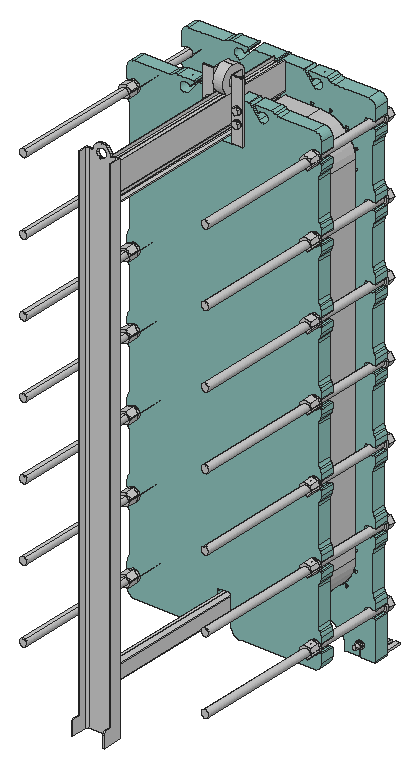
Revit family "MIT 585 - Heat Exchanger", category Specialty Equipment, Revit 2022
Family settings
  Round Connector Dimension = Use Diameter
  Part Type = Normal
  Work Plane-Based = No
  Always vertical = No
  Cut with Voids When Loaded = No
  Maintain Annotation Orientation = No
  Shared = No
  Room Calculation Point = No
Parameters (values of type "Flanged")
  URL = "https://en.ekinendustriyel.com/plate-heat-exchanger"
  Type Comments = ""
  Thickness_of_Plate [instance] = 0.50 mm  # constant formula
  Number_of_Plate [instance] = 50
  Model = if(Hygienic, if(Design Pressure < 11.0 bar, "H12340000F200L", if(Design Pressure < 16.0 bar, " H12340000F200M", " H12340000F200H")), if(Design Pressure < 10.0 bar, "E12340000F200L", if(Design Pressure < 16.0 bar, " E12340000F200M", " E12340000F200H")))  # "H12340000F200L"
  Material = Galvanized Steel- S235JR
  Manufacturer = "Ekin Endüstriyel"
  Lk [instance] = (Number_of_Plate) * ((Thickness_of_Plate) + 4.00 mm)  # 225.00 mm
  Lh [instance] = 2080.00 mm  # constant formula
  Lf [instance] = 1990.00 mm  # constant formula
  Lc [instance] = if(Number_of_Plate < 51, 900.00 mm, if(Number_of_Plate < 101, 1200.00 mm, if(Number_of_Plate < 201, 1800.00 mm, if(Number_of_Plate < 301, 2400.00 mm, if(Number_of_Plate < 401, 3000.00 mm, 3600.00 mm)))))  # 900.00 mm
  La [instance] = 798.00 mm  # constant formula
  Keynote = ""
  Industrial [instance] = not(Hygienic)  # no
  Hygienic = yes
  Head & Follower Plate [instance] = if(Design Pressure < 11.0 bar, 55.00 mm, if(Design Pressure < 17.0 bar, 70.00 mm, 90.00 mm))  # 55.00 mm
  Follower Plate [instance] = -(Head & Follower Plate)  # -55.00 mm
  Design Pressure = 7 bar
  Description = if(Design Pressure < 11.0 bar, "MIT - Heat Exchanger - 10 bar", if(Design Pressure < 16.0 bar, " MIT - Heat Exchanger - 16 bar", " MIT - Heat Exchanger - 25 bar"))  # "MIT - Heat Exchanger - 10 bar"
  Default Elevation = 0.00 mm
Reference planes
  plane 1 "Center (Front/Back)": y = 0
  plane 2: z = 0
  plane 3 "Center (Left/Right)": x = 0
  plane 4: x = 1160
  plane 5: x = -1000
  plane 6 "2": y = -280
  plane 7 "1": y = -55
  plane 8 "3": y = -955
  plane 9 "Bolt End": y = 18.7
  plane 10: y = -900
  plane 11 "12": z = 1824
Forms (mm)
  Extrusion 1, solid, material "Galvanized Steel", detail levels fine
    sketch origin (4.063, 0, 0) x (1, 0, 0) y (0, 0, 1)
      loop
        arc (202.399, 2075.981) -> (195.163, 2078.978) -> (187.399, 2080) r 30
        line (187.399, 2080) -> (121.253, 2080)
        arc (121.253, 2080) -> (118.534, 2078.268) -> (118.955, 2075.072) r 3
        line (118.955, 2075.072) -> (134.106, 2057.016)
        arc (134.106, 2057.016) -> (136.521, 2055.947) -> (138.845, 2057.201) r 3
        arc (138.845, 2057.201) -> (176.921, 2045.82) -> (139.85, 2031.501) r 21
        line (139.85, 2031.501) -> (100.054, 2078.928)
        arc (100.054, 2078.928) -> (99.024, 2079.719) -> (97.756, 2080) r 3
        line (97.756, 2080) -> (1.937, 2080)
        arc (1.937, 2080) -> (-0.184, 2079.121) -> (-1.063, 2077) r 3
        line (-1.063, 2077) -> (-1.063, 2062.466)
        arc (-1.063, 2062.466) -> (-0.644, 2060.936) -> (0.497, 2059.834) r 3
        arc (0.497, 2059.834) -> (5.437, 2051.5) -> (0.497, 2043.166) r 9.5
        arc (0.497, 2043.166) -> (-0.644, 2042.064) -> (-1.063, 2040.534) r 3
        line (-1.063, 2040.534) -> (-1.063, 2002.466)
        arc (-1.063, 2002.466) -> (-0.644, 2000.936) -> (0.497, 1999.834) r 3
        arc (0.497, 1999.834) -> (-4.063, 1982) -> (-8.623, 1999.834) r 9.5
        arc (-8.623, 1999.834) -> (-7.482, 2000.936) -> (-7.063, 2002.466) r 3
        line (-7.063, 2002.466) -> (-7.063, 2040.534)
        arc (-7.063, 2040.534) -> (-7.482, 2042.064) -> (-8.623, 2043.166) r 3
        arc (-8.623, 2043.166) -> (-13.563, 2051.5) -> (-8.623, 2059.834) r 9.5
        arc (-8.623, 2059.834) -> (-7.482, 2060.936) -> (-7.063, 2062.466) r 3
        line (-7.063, 2062.466) -> (-7.063, 2077)
        arc (-7.063, 2077) -> (-7.942, 2079.121) -> (-10.063, 2080) r 3
        line (-10.063, 2080) -> (-105.882, 2080)
        arc (-105.882, 2080) -> (-107.15, 2079.719) -> (-108.18, 2078.928) r 3
        line (-108.18, 2078.928) -> (-147.976, 2031.501)
        arc (-147.976, 2031.501) -> (-185.047, 2045.82) -> (-146.971, 2057.201) r 21
        arc (-146.971, 2057.201) -> (-144.647, 2055.947) -> (-142.232, 2057.016) r 3
        line (-142.232, 2057.016) -> (-127.081, 2075.072)
        arc (-127.081, 2075.072) -> (-126.66, 2078.268) -> (-129.379, 2080) r 3
        line (-129.379, 2080) -> (-195.525, 2080)
        arc (-195.525, 2080) -> (-203.289, 2078.978) -> (-210.525, 2075.981) r 30
        line (-210.525, 2075.981) -> (-217.386, 2072.019)
        arc (-217.386, 2072.019) -> (-224.622, 2069.022) -> (-232.386, 2068) r 30
        line (-232.386, 2068) -> (-373.063, 2068)
        arc (-373.063, 2068) -> (-394.276, 2059.213) -> (-403.063, 2038) r 30
        line (-403.063, 2038) -> (-403.063, 1994.25)
        arc (-403.063, 1994.25) -> (-402.184, 1992.129) -> (-400.063, 1991.25) r 3
        line (-400.063, 1991.25) -> (-391.396, 1991.25)
        arc (-391.396, 1991.25) -> (-390.452, 1991.402) -> (-389.604, 1991.844) r 3
        arc (-389.604, 1991.844) -> (-356.063, 1975) -> (-389.604, 1958.156) r 21
        arc (-389.604, 1958.156) -> (-390.452, 1958.598) -> (-391.396, 1958.75) r 3
        line (-391.396, 1958.75) -> (-400.063, 1958.75)
        arc (-400.063, 1958.75) -> (-402.184, 1957.871) -> (-403.063, 1955.75) r 3
        line (-403.063, 1955.75) -> (-403.063, 1934.038)
        arc (-403.063, 1934.038) -> (-402.041, 1926.274) -> (-399.044, 1919.038) r 30
        line (-399.044, 1919.038) -> (-395.082, 1912.177)
        arc (-395.082, 1912.177) -> (-392.085, 1904.941) -> (-391.063, 1897.177) r 30
        line (-391.063, 1897.177) -> (-391.063, 1753.254)
        arc (-391.063, 1753.254) -> (-392.085, 1745.489) -> (-395.082, 1738.254) r 30
        line (-395.082, 1738.254) -> (-399.044, 1731.392)
        arc (-399.044, 1731.392) -> (-402.041, 1724.157) -> (-403.063, 1716.392) r 30
        line (-403.063, 1716.392) -> (-403.063, 1694.25)
        arc (-403.063, 1694.25) -> (-402.184, 1692.129) -> (-400.063, 1691.25) r 3
        line (-400.063, 1691.25) -> (-391.396, 1691.25)
        arc (-391.396, 1691.25) -> (-390.452, 1691.402) -> (-389.604, 1691.844) r 3
        arc (-389.604, 1691.844) -> (-356.063, 1675) -> (-389.604, 1658.156) r 21
        arc (-389.604, 1658.156) -> (-390.452, 1658.598) -> (-391.396, 1658.75) r 3
        line (-391.396, 1658.75) -> (-400.063, 1658.75)
        arc (-400.063, 1658.75) -> (-402.184, 1657.871) -> (-403.063, 1655.75) r 3
        line (-403.063, 1655.75) -> (-403.063, 1634.038)
        arc (-403.063, 1634.038) -> (-402.041, 1626.274) -> (-399.044, 1619.038) r 30
        line (-399.044, 1619.038) -> (-395.082, 1612.177)
        arc (-395.082, 1612.177) -> (-392.085, 1604.941) -> (-391.063, 1597.177) r 30
        line (-391.063, 1597.177) -> (-391.063, 1453.254)
        arc (-391.063, 1453.254) -> (-392.085, 1445.489) -> (-395.082, 1438.254) r 30
        line (-395.082, 1438.254) -> (-399.044, 1431.392)
        arc (-399.044, 1431.392) -> (-402.041, 1424.157) -> (-403.063, 1416.392) r 30
        line (-403.063, 1416.392) -> (-403.063, 1394.25)
        arc (-403.063, 1394.25) -> (-402.184, 1392.129) -> (-400.063, 1391.25) r 3
        line (-400.063, 1391.25) -> (-391.396, 1391.25)
        arc (-391.396, 1391.25) -> (-390.452, 1391.402) -> (-389.604, 1391.844) r 3
        arc (-389.604, 1391.844) -> (-356.063, 1375) -> (-389.604, 1358.156) r 21
        arc (-389.604, 1358.156) -> (-390.452, 1358.598) -> (-391.396, 1358.75) r 3
        line (-391.396, 1358.75) -> (-400.063, 1358.75)
        arc (-400.063, 1358.75) -> (-402.184, 1357.871) -> (-403.063, 1355.75) r 3
        line (-403.063, 1355.75) -> (-403.063, 1334.038)
        arc (-403.063, 1334.038) -> (-402.041, 1326.274) -> (-399.044, 1319.038) r 30
        line (-399.044, 1319.038) -> (-395.082, 1312.177)
        arc (-395.082, 1312.177) -> (-392.085, 1304.941) -> (-391.063, 1297.177) r 30
        line (-391.063, 1297.177) -> (-391.063, 1153.254)
        arc (-391.063, 1153.254) -> (-392.085, 1145.489) -> (-395.082, 1138.254) r 30
        line (-395.082, 1138.254) -> (-399.044, 1131.392)
        arc (-399.044, 1131.392) -> (-402.041, 1124.157) -> (-403.063, 1116.392) r 30
        line (-403.063, 1116.392) -> (-403.063, 1094.25)
        arc (-403.063, 1094.25) -> (-402.184, 1092.129) -> (-400.063, 1091.25) r 3
        line (-400.063, 1091.25) -> (-391.396, 1091.25)
        arc (-391.396, 1091.25) -> (-390.452, 1091.402) -> (-389.604, 1091.844) r 3
        arc (-389.604, 1091.844) -> (-356.063, 1075) -> (-389.604, 1058.156) r 21
        arc (-389.604, 1058.156) -> (-390.452, 1058.598) -> (-391.396, 1058.75) r 3
        line (-391.396, 1058.75) -> (-400.063, 1058.75)
        arc (-400.063, 1058.75) -> (-402.184, 1057.871) -> (-403.063, 1055.75) r 3
        line (-403.063, 1055.75) -> (-403.063, 1034.038)
        arc (-403.063, 1034.038) -> (-402.041, 1026.274) -> (-399.044, 1019.038) r 30
        line (-399.044, 1019.038) -> (-395.082, 1012.177)
        arc (-395.082, 1012.177) -> (-392.085, 1004.941) -> (-391.063, 997.177) r 30
        line (-391.063, 997.177) -> (-391.063, 853.254)
        arc (-391.063, 853.254) -> (-392.085, 845.489) -> (-395.082, 838.254) r 30
        line (-395.082, 838.254) -> (-399.044, 831.392)
        arc (-399.044, 831.392) -> (-402.041, 824.157) -> (-403.063, 816.392) r 30
        line (-403.063, 816.392) -> (-403.063, 794.25)
        arc (-403.063, 794.25) -> (-402.184, 792.129) -> (-400.063, 791.25) r 3
        line (-400.063, 791.25) -> (-391.396, 791.25)
        arc (-391.396, 791.25) -> (-390.452, 791.402) -> (-389.604, 791.844) r 3
        arc (-389.604, 791.844) -> (-356.063, 775) -> (-389.604, 758.156) r 21
        arc (-389.604, 758.156) -> (-390.452, 758.598) -> (-391.396, 758.75) r 3
        line (-391.396, 758.75) -> (-400.063, 758.75)
        arc (-400.063, 758.75) -> (-402.184, 757.871) -> (-403.063, 755.75) r 3
        line (-403.063, 755.75) -> (-403.063, 734.038)
        arc (-403.063, 734.038) -> (-402.041, 726.274) -> (-399.044, 719.038) r 30
        line (-399.044, 719.038) -> (-395.082, 712.177)
        arc (-395.082, 712.177) -> (-392.085, 704.941) -> (-391.063, 697.177) r 30
        line (-391.063, 697.177) -> (-391.063, 553.254)
        arc (-391.063, 553.254) -> (-392.085, 545.489) -> (-395.082, 538.254) r 30
        line (-395.082, 538.254) -> (-399.044, 531.392)
        arc (-399.044, 531.392) -> (-402.041, 524.157) -> (-403.063, 516.392) r 30
        line (-403.063, 516.392) -> (-403.063, 494.25)
        arc (-403.063, 494.25) -> (-402.184, 492.129) -> (-400.063, 491.25) r 3
        line (-400.063, 491.25) -> (-391.396, 491.25)
        arc (-391.396, 491.25) -> (-390.452, 491.402) -> (-389.604, 491.844) r 3
        arc (-389.604, 491.844) -> (-356.063, 475) -> (-389.604, 458.156) r 21
        arc (-389.604, 458.156) -> (-390.452, 458.598) -> (-391.396, 458.75) r 3
        line (-391.396, 458.75) -> (-400.063, 458.75)
        arc (-400.063, 458.75) -> (-402.184, 457.871) -> (-403.063, 455.75) r 3
        line (-403.063, 455.75) -> (-403.063, 434.038)
        arc (-403.063, 434.038) -> (-402.041, 426.274) -> (-399.044, 419.038) r 30
        line (-399.044, 419.038) -> (-395.082, 412.177)
        arc (-395.082, 412.177) -> (-392.085, 404.941) -> (-391.063, 397.177) r 30
        line (-391.063, 397.177) -> (-391.063, 253.254)
        arc (-391.063, 253.254) -> (-392.085, 245.489) -> (-395.082, 238.254) r 30
        line (-395.082, 238.254) -> (-399.044, 231.392)
        arc (-399.044, 231.392) -> (-402.041, 224.157) -> (-403.063, 216.392) r 30
        line (-403.063, 216.392) -> (-403.063, 194.25)
        arc (-403.063, 194.25) -> (-402.184, 192.129) -> (-400.063, 191.25) r 3
        line (-400.063, 191.25) -> (-391.396, 191.25)
        arc (-391.396, 191.25) -> (-390.452, 191.402) -> (-389.604, 191.844) r 3
        arc (-389.604, 191.844) -> (-356.063, 175) -> (-389.604, 158.156) r 21
        arc (-389.604, 158.156) -> (-390.452, 158.598) -> (-391.396, 158.75) r 3
        line (-391.396, 158.75) -> (-400.063, 158.75)
        arc (-400.063, 158.75) -> (-402.184, 157.871) -> (-403.063, 155.75) r 3
        line (-403.063, 155.75) -> (-403.063, 5)
        arc (-403.063, 5) -> (-401.599, 1.464) -> (-398.063, 0) r 5
        line (-398.063, 0) -> (-344.063, 0)
        arc (-344.063, 0) -> (-341.942, 0.879) -> (-341.063, 3) r 3
        line (-341.063, 3) -> (-341.063, 32.907)
        arc (-341.063, 32.907) -> (-341.514, 34.488) -> (-342.73, 35.594) r 3
        arc (-342.73, 35.594) -> (-338.063, 55.5) -> (-333.396, 35.594) r 10.5
        arc (-333.396, 35.594) -> (-334.613, 34.488) -> (-335.063, 32.907) r 3
        line (-335.063, 32.907) -> (-335.063, 3)
        arc (-335.063, 3) -> (-334.184, 0.879) -> (-332.063, 0) r 3
        line (-332.063, 0) -> (-278.063, 0)
        arc (-278.063, 0) -> (-274.527, 1.464) -> (-273.063, 5) r 5
        line (-273.063, 5) -> (-273.063, 38.787)
        arc (-273.063, 38.787) -> (-271.921, 44.527) -> (-268.67, 49.393) r 15
        line (-268.67, 49.393) -> (-232.456, 85.607)
        arc (-232.456, 85.607) -> (-227.59, 88.858) -> (-221.85, 90) r 15
        line (-221.85, 90) -> (-10.063, 90)
        arc (-10.063, 90) -> (-7.942, 90.879) -> (-7.063, 93) r 3
        line (-7.063, 93) -> (-7.063, 142.034)
        arc (-7.063, 142.034) -> (-7.482, 143.564) -> (-8.623, 144.666) r 3
        arc (-8.623, 144.666) -> (-13.563, 153) -> (-8.623, 161.334) r 9.5
        arc (-8.623, 161.334) -> (-7.482, 162.436) -> (-7.063, 163.966) r 3
        line (-7.063, 163.966) -> (-7.063, 202.034)
        arc (-7.063, 202.034) -> (-7.482, 203.564) -> (-8.623, 204.666) r 3
        arc (-8.623, 204.666) -> (-4.063, 222.5) -> (0.497, 204.666) r 9.5
        arc (0.497, 204.666) -> (-0.644, 203.564) -> (-1.063, 202.034) r 3
        line (-1.063, 202.034) -> (-1.063, 163.966)
        arc (-1.063, 163.966) -> (-0.644, 162.436) -> (0.497, 161.334) r 3
        arc (0.497, 161.334) -> (5.437, 153) -> (0.497, 144.666) r 9.5
        arc (0.497, 144.666) -> (-0.644, 143.564) -> (-1.063, 142.034) r 3
        line (-1.063, 142.034) -> (-1.063, 93)
        arc (-1.063, 93) -> (-0.184, 90.879) -> (1.937, 90) r 3
        line (1.937, 90) -> (213.724, 90)
        arc (213.724, 90) -> (219.464, 88.858) -> (224.33, 85.607) r 15
        line (224.33, 85.607) -> (260.544, 49.393)
        arc (260.544, 49.393) -> (263.795, 44.527) -> (264.937, 38.787) r 15
        line (264.937, 38.787) -> (264.937, 5)
        arc (264.937, 5) -> (266.401, 1.464) -> (269.937, 0) r 5
        line (269.937, 0) -> (323.937, 0)
        arc (323.937, 0) -> (326.058, 0.879) -> (326.937, 3) r 3
        line (326.937, 3) -> (326.937, 32.907)
        arc (326.937, 32.907) -> (326.486, 34.488) -> (325.27, 35.594) r 3
        arc (325.27, 35.594) -> (329.937, 55.5) -> (334.604, 35.594) r 10.5
        arc (334.604, 35.594) -> (333.387, 34.488) -> (332.937, 32.907) r 3
        line (332.937, 32.907) -> (332.937, 3)
        arc (332.937, 3) -> (333.816, 0.879) -> (335.937, 0) r 3
        line (335.937, 0) -> (389.937, 0)
        arc (389.937, 0) -> (393.473, 1.464) -> (394.937, 5) r 5
        line (394.937, 5) -> (394.937, 155.75)
        arc (394.937, 155.75) -> (394.058, 157.871) -> (391.937, 158.75) r 3
        line (391.937, 158.75) -> (383.27, 158.75)
        arc (383.27, 158.75) -> (382.326, 158.598) -> (381.478, 158.156) r 3
        arc (381.478, 158.156) -> (347.937, 175) -> (381.478, 191.844) r 21
        arc (381.478, 191.844) -> (382.326, 191.402) -> (383.27, 191.25) r 3
        line (383.27, 191.25) -> (391.937, 191.25)
        arc (391.937, 191.25) -> (394.058, 192.129) -> (394.937, 194.25) r 3
        line (394.937, 194.25) -> (394.937, 216.392)
        arc (394.937, 216.392) -> (393.915, 224.157) -> (390.918, 231.392) r 30
        line (390.918, 231.392) -> (386.956, 238.254)
        arc (386.956, 238.254) -> (383.959, 245.489) -> (382.937, 253.254) r 30
        line (382.937, 253.254) -> (382.937, 397.177)
        arc (382.937, 397.177) -> (383.959, 404.941) -> (386.956, 412.177) r 30
        line (386.956, 412.177) -> (390.918, 419.038)
        arc (390.918, 419.038) -> (393.915, 426.274) -> (394.937, 434.038) r 30
        line (394.937, 434.038) -> (394.937, 455.75)
        arc (394.937, 455.75) -> (394.058, 457.871) -> (391.937, 458.75) r 3
        line (391.937, 458.75) -> (383.27, 458.75)
        arc (383.27, 458.75) -> (382.326, 458.598) -> (381.478, 458.156) r 3
        arc (381.478, 458.156) -> (347.937, 475) -> (381.478, 491.844) r 21
        arc (381.478, 491.844) -> (382.326, 491.402) -> (383.27, 491.25) r 3
        line (383.27, 491.25) -> (391.937, 491.25)
        arc (391.937, 491.25) -> (394.058, 492.129) -> (394.937, 494.25) r 3
        line (394.937, 494.25) -> (394.937, 516.392)
        arc (394.937, 516.392) -> (393.915, 524.157) -> (390.918, 531.392) r 30
        line (390.918, 531.392) -> (386.956, 538.254)
        arc (386.956, 538.254) -> (383.959, 545.489) -> (382.937, 553.254) r 30
        line (382.937, 553.254) -> (382.937, 697.177)
        arc (382.937, 697.177) -> (383.959, 704.941) -> (386.956, 712.177) r 30
        line (386.956, 712.177) -> (390.918, 719.038)
        arc (390.918, 719.038) -> (393.915, 726.274) -> (394.937, 734.038) r 30
        line (394.937, 734.038) -> (394.937, 755.75)
        arc (394.937, 755.75) -> (394.058, 757.871) -> (391.937, 758.75) r 3
        line (391.937, 758.75) -> (383.27, 758.75)
        arc (383.27, 758.75) -> (382.326, 758.598) -> (381.478, 758.156) r 3
        arc (381.478, 758.156) -> (347.937, 775) -> (381.478, 791.844) r 21
        arc (381.478, 791.844) -> (382.326, 791.402) -> (383.27, 791.25) r 3
        line (383.27, 791.25) -> (391.937, 791.25)
        arc (391.937, 791.25) -> (394.058, 792.129) -> (394.937, 794.25) r 3
        line (394.937, 794.25) -> (394.937, 816.392)
        arc (394.937, 816.392) -> (393.915, 824.157) -> (390.918, 831.392) r 30
        line (390.918, 831.392) -> (386.956, 838.254)
        arc (386.956, 838.254) -> (383.959, 845.489) -> (382.937, 853.254) r 30
        line (382.937, 853.254) -> (382.937, 997.177)
        arc (382.937, 997.177) -> (383.959, 1004.941) -> (386.956, 1012.177) r 30
        line (386.956, 1012.177) -> (390.918, 1019.038)
        arc (390.918, 1019.038) -> (393.915, 1026.274) -> (394.937, 1034.038) r 30
        line (394.937, 1034.038) -> (394.937, 1055.75)
        arc (394.937, 1055.75) -> (394.058, 1057.871) -> (391.937, 1058.75) r 3
        line (391.937, 1058.75) -> (383.27, 1058.75)
        arc (383.27, 1058.75) -> (382.326, 1058.598) -> (381.478, 1058.156) r 3
        arc (381.478, 1058.156) -> (347.937, 1075) -> (381.478, 1091.844) r 21
        arc (381.478, 1091.844) -> (382.326, 1091.402) -> (383.27, 1091.25) r 3
        line (383.27, 1091.25) -> (391.937, 1091.25)
        arc (391.937, 1091.25) -> (394.058, 1092.129) -> (394.937, 1094.25) r 3
        line (394.937, 1094.25) -> (394.937, 1116.392)
        arc (394.937, 1116.392) -> (393.915, 1124.157) -> (390.918, 1131.392) r 30
        line (390.918, 1131.392) -> (386.956, 1138.254)
        arc (386.956, 1138.254) -> (383.959, 1145.489) -> (382.937, 1153.254) r 30
        line (382.937, 1153.254) -> (382.937, 1297.177)
        arc (382.937, 1297.177) -> (383.959, 1304.941) -> (386.956, 1312.177) r 30
        line (386.956, 1312.177) -> (390.918, 1319.038)
        arc (390.918, 1319.038) -> (393.915, 1326.274) -> (394.937, 1334.038) r 30
        line (394.937, 1334.038) -> (394.937, 1355.75)
        arc (394.937, 1355.75) -> (394.058, 1357.871) -> (391.937, 1358.75) r 3
        line (391.937, 1358.75) -> (383.27, 1358.75)
        arc (383.27, 1358.75) -> (382.326, 1358.598) -> (381.478, 1358.156) r 3
        arc (381.478, 1358.156) -> (347.937, 1375) -> (381.478, 1391.844) r 21
        arc (381.478, 1391.844) -> (382.326, 1391.402) -> (383.27, 1391.25) r 3
        line (383.27, 1391.25) -> (391.937, 1391.25)
        arc (391.937, 1391.25) -> (394.058, 1392.129) -> (394.937, 1394.25) r 3
        line (394.937, 1394.25) -> (394.937, 1416.392)
        arc (394.937, 1416.392) -> (393.915, 1424.157) -> (390.918, 1431.392) r 30
        line (390.918, 1431.392) -> (386.956, 1438.254)
        arc (386.956, 1438.254) -> (383.959, 1445.489) -> (382.937, 1453.254) r 30
        line (382.937, 1453.254) -> (382.937, 1597.177)
        arc (382.937, 1597.177) -> (383.959, 1604.941) -> (386.956, 1612.177) r 30
        line (386.956, 1612.177) -> (390.918, 1619.038)
        arc (390.918, 1619.038) -> (393.915, 1626.274) -> (394.937, 1634.038) r 30
        line (394.937, 1634.038) -> (394.937, 1655.75)
        arc (394.937, 1655.75) -> (394.058, 1657.871) -> (391.937, 1658.75) r 3
        line (391.937, 1658.75) -> (383.27, 1658.75)
        arc (383.27, 1658.75) -> (382.326, 1658.598) -> (381.478, 1658.156) r 3
        arc (381.478, 1658.156) -> (347.937, 1675) -> (381.478, 1691.844) r 21
        arc (381.478, 1691.844) -> (382.326, 1691.402) -> (383.27, 1691.25) r 3
        line (383.27, 1691.25) -> (391.937, 1691.25)
        arc (391.937, 1691.25) -> (394.058, 1692.129) -> (394.937, 1694.25) r 3
        line (394.937, 1694.25) -> (394.937, 1716.392)
        arc (394.937, 1716.392) -> (393.915, 1724.157) -> (390.918, 1731.392) r 30
        line (390.918, 1731.392) -> (386.956, 1738.254)
        arc (386.956, 1738.254) -> (383.959, 1745.489) -> (382.937, 1753.254) r 30
        line (382.937, 1753.254) -> (382.937, 1897.177)
        arc (382.937, 1897.177) -> (383.959, 1904.941) -> (386.956, 1912.177) r 30
        line (386.956, 1912.177) -> (390.918, 1919.038)
        arc (390.918, 1919.038) -> (393.915, 1926.274) -> (394.937, 1934.038) r 30
        line (394.937, 1934.038) -> (394.937, 1955.75)
        arc (394.937, 1955.75) -> (394.058, 1957.871) -> (391.937, 1958.75) r 3
        line (391.937, 1958.75) -> (383.27, 1958.75)
        arc (383.27, 1958.75) -> (382.326, 1958.598) -> (381.478, 1958.156) r 3
        arc (381.478, 1958.156) -> (347.937, 1975) -> (381.478, 1991.844) r 21
        arc (381.478, 1991.844) -> (382.326, 1991.402) -> (383.27, 1991.25) r 3
        line (383.27, 1991.25) -> (391.937, 1991.25)
        arc (391.937, 1991.25) -> (394.058, 1992.129) -> (394.937, 1994.25) r 3
        line (394.937, 1994.25) -> (394.937, 2038)
        arc (394.937, 2038) -> (386.15, 2059.213) -> (364.937, 2068) r 30
        line (364.937, 2068) -> (224.26, 2068)
        arc (224.26, 2068) -> (216.495, 2069.022) -> (209.26, 2072.019) r 30
        line (209.26, 2072.019) -> (202.399, 2075.981)
      loop
        circle (172.437, 1824) r 134
      loop
        circle (314.911, 1862.176) r 7
      loop
        circle (314.911, 1785.824) r 7
      loop
        circle (276.735, 1928.298) r 7
      loop
        circle (210.613, 1966.474) r 7
      loop
        circle (276.735, 1719.702) r 7
      loop
        circle (210.613, 1681.526) r 7
      loop
        circle (29.963, 1862.176) r 7
      loop
        circle (29.963, 1785.824) r 7
      loop
        circle (68.139, 1928.298) r 7
      loop
        circle (134.261, 1966.474) r 7
      loop
        circle (68.139, 1719.702) r 7
      loop
        circle (134.261, 1681.526) r 7
      loop
        circle (172.437, 346) r 134
      loop
        circle (314.911, 384.176) r 7
      loop
        circle (314.911, 307.824) r 7
      loop
        circle (276.735, 450.298) r 7
      loop
        circle (210.613, 488.474) r 7
      loop
        circle (276.735, 241.702) r 7
      loop
        circle (210.613, 203.526) r 7
      loop
        circle (29.963, 384.176) r 7
      loop
        circle (29.963, 307.824) r 7
      loop
        circle (68.139, 450.298) r 7
      loop
        circle (134.261, 488.474) r 7
      loop
        circle (68.139, 241.702) r 7
      loop
        circle (134.261, 203.526) r 7
      loop
        circle (-180.563, 1824) r 134
      loop
        circle (-323.037, 1862.176) r 7
      loop
        circle (-323.037, 1785.824) r 7
      loop
        circle (-284.861, 1928.298) r 7
      loop
        circle (-218.739, 1966.474) r 7
      loop
        circle (-284.861, 1719.702) r 7
      loop
        circle (-218.739, 1681.526) r 7
      loop
        circle (-38.089, 1862.176) r 7
      loop
        circle (-38.089, 1785.824) r 7
      loop
        circle (-76.265, 1928.298) r 7
      loop
        circle (-142.387, 1966.474) r 7
      loop
        circle (-76.265, 1719.702) r 7
      loop
        circle (-142.387, 1681.526) r 7
      loop
        circle (-180.563, 346) r 134
      loop
        circle (-323.037, 384.176) r 7
      loop
        circle (-323.037, 307.824) r 7
      loop
        circle (-284.861, 450.298) r 7
      loop
        circle (-218.739, 488.474) r 7
      loop
        circle (-284.861, 241.702) r 7
      loop
        circle (-218.739, 203.526) r 7
      loop
        circle (-38.089, 384.176) r 7
      loop
        circle (-38.089, 307.824) r 7
      loop
        circle (-76.265, 450.298) r 7
      loop
        circle (-142.387, 488.474) r 7
      loop
        circle (-76.265, 241.702) r 7
      loop
        circle (-142.387, 203.526) r 7
    from 0 to 55
  Extrusion 2, solid, material "Galvanized Steel", detail levels fine
    sketch origin (4.063, -280, 0) x (-1, 0, 0) y (0, 0, 1)
      loop
        line (-202.399, 2075.981) -> (-209.26, 2072.019)
        arc (-209.26, 2072.019) -> (-216.495, 2069.022) -> (-224.26, 2068) r 30
        line (-224.26, 2068) -> (-364.937, 2068)
        arc (-364.937, 2068) -> (-386.15, 2059.213) -> (-394.937, 2038) r 30
        line (-394.937, 2038) -> (-394.937, 1994.25)
        arc (-394.937, 1994.25) -> (-394.058, 1992.129) -> (-391.937, 1991.25) r 3
        line (-391.937, 1991.25) -> (-383.27, 1991.25)
        arc (-383.27, 1991.25) -> (-382.326, 1991.402) -> (-381.478, 1991.844) r 3
        arc (-381.478, 1991.844) -> (-347.937, 1975) -> (-381.478, 1958.156) r 21
        arc (-381.478, 1958.156) -> (-382.326, 1958.598) -> (-383.27, 1958.75) r 3
        line (-383.27, 1958.75) -> (-391.937, 1958.75)
        arc (-391.937, 1958.75) -> (-394.058, 1957.871) -> (-394.937, 1955.75) r 3
        line (-394.937, 1955.75) -> (-394.937, 1934.038)
        arc (-394.937, 1934.038) -> (-393.915, 1926.274) -> (-390.918, 1919.038) r 30
        line (-390.918, 1919.038) -> (-386.956, 1912.177)
        arc (-386.956, 1912.177) -> (-383.959, 1904.941) -> (-382.937, 1897.177) r 30
        line (-382.937, 1897.177) -> (-382.937, 1753.254)
        arc (-382.937, 1753.254) -> (-383.959, 1745.489) -> (-386.956, 1738.254) r 30
        line (-386.956, 1738.254) -> (-390.918, 1731.392)
        arc (-390.918, 1731.392) -> (-393.915, 1724.157) -> (-394.937, 1716.392) r 30
        line (-394.937, 1716.392) -> (-394.937, 1694.25)
        arc (-394.937, 1694.25) -> (-394.058, 1692.129) -> (-391.937, 1691.25) r 3
        line (-391.937, 1691.25) -> (-383.27, 1691.25)
        arc (-383.27, 1691.25) -> (-382.326, 1691.402) -> (-381.478, 1691.844) r 3
        arc (-381.478, 1691.844) -> (-347.937, 1675) -> (-381.478, 1658.156) r 21
        arc (-381.478, 1658.156) -> (-382.326, 1658.598) -> (-383.27, 1658.75) r 3
        line (-383.27, 1658.75) -> (-391.937, 1658.75)
        arc (-391.937, 1658.75) -> (-394.058, 1657.871) -> (-394.937, 1655.75) r 3
        line (-394.937, 1655.75) -> (-394.937, 1634.038)
        arc (-394.937, 1634.038) -> (-393.915, 1626.274) -> (-390.918, 1619.038) r 30
        line (-390.918, 1619.038) -> (-386.956, 1612.177)
        arc (-386.956, 1612.177) -> (-383.959, 1604.941) -> (-382.937, 1597.177) r 30
        line (-382.937, 1597.177) -> (-382.937, 1453.254)
        arc (-382.937, 1453.254) -> (-383.959, 1445.489) -> (-386.956, 1438.254) r 30
        line (-386.956, 1438.254) -> (-390.918, 1431.392)
        arc (-390.918, 1431.392) -> (-393.915, 1424.157) -> (-394.937, 1416.392) r 30
        line (-394.937, 1416.392) -> (-394.937, 1394.25)
        arc (-394.937, 1394.25) -> (-394.058, 1392.129) -> (-391.937, 1391.25) r 3
        line (-391.937, 1391.25) -> (-383.27, 1391.25)
        arc (-383.27, 1391.25) -> (-382.326, 1391.402) -> (-381.478, 1391.844) r 3
        arc (-381.478, 1391.844) -> (-347.937, 1375) -> (-381.478, 1358.156) r 21
        arc (-381.478, 1358.156) -> (-382.326, 1358.598) -> (-383.27, 1358.75) r 3
        line (-383.27, 1358.75) -> (-391.937, 1358.75)
        arc (-391.937, 1358.75) -> (-394.058, 1357.871) -> (-394.937, 1355.75) r 3
        line (-394.937, 1355.75) -> (-394.937, 1334.038)
        arc (-394.937, 1334.038) -> (-393.915, 1326.274) -> (-390.918, 1319.038) r 30
        line (-390.918, 1319.038) -> (-386.956, 1312.177)
        arc (-386.956, 1312.177) -> (-383.959, 1304.941) -> (-382.937, 1297.177) r 30
        line (-382.937, 1297.177) -> (-382.937, 1153.254)
        arc (-382.937, 1153.254) -> (-383.959, 1145.489) -> (-386.956, 1138.254) r 30
        line (-386.956, 1138.254) -> (-390.918, 1131.392)
        arc (-390.918, 1131.392) -> (-393.915, 1124.157) -> (-394.937, 1116.392) r 30
        line (-394.937, 1116.392) -> (-394.937, 1094.25)
        arc (-394.937, 1094.25) -> (-394.058, 1092.129) -> (-391.937, 1091.25) r 3
        line (-391.937, 1091.25) -> (-383.27, 1091.25)
        arc (-383.27, 1091.25) -> (-382.326, 1091.402) -> (-381.478, 1091.844) r 3
        arc (-381.478, 1091.844) -> (-347.937, 1075) -> (-381.478, 1058.156) r 21
        arc (-381.478, 1058.156) -> (-382.326, 1058.598) -> (-383.27, 1058.75) r 3
        line (-383.27, 1058.75) -> (-391.937, 1058.75)
        arc (-391.937, 1058.75) -> (-394.058, 1057.871) -> (-394.937, 1055.75) r 3
        line (-394.937, 1055.75) -> (-394.937, 1034.038)
        arc (-394.937, 1034.038) -> (-393.915, 1026.274) -> (-390.918, 1019.038) r 30
        line (-390.918, 1019.038) -> (-386.956, 1012.177)
        arc (-386.956, 1012.177) -> (-383.959, 1004.941) -> (-382.937, 997.177) r 30
        line (-382.937, 997.177) -> (-382.937, 853.254)
        arc (-382.937, 853.254) -> (-383.959, 845.489) -> (-386.956, 838.254) r 30
        line (-386.956, 838.254) -> (-390.918, 831.392)
        arc (-390.918, 831.392) -> (-393.915, 824.157) -> (-394.937, 816.392) r 30
        line (-394.937, 816.392) -> (-394.937, 794.25)
        arc (-394.937, 794.25) -> (-394.058, 792.129) -> (-391.937, 791.25) r 3
        line (-391.937, 791.25) -> (-383.27, 791.25)
        arc (-383.27, 791.25) -> (-382.326, 791.402) -> (-381.478, 791.844) r 3
        arc (-381.478, 791.844) -> (-347.937, 775) -> (-381.478, 758.156) r 21
        arc (-381.478, 758.156) -> (-382.326, 758.598) -> (-383.27, 758.75) r 3
        line (-383.27, 758.75) -> (-391.937, 758.75)
        arc (-391.937, 758.75) -> (-394.058, 757.871) -> (-394.937, 755.75) r 3
        line (-394.937, 755.75) -> (-394.937, 734.038)
        arc (-394.937, 734.038) -> (-393.915, 726.274) -> (-390.918, 719.038) r 30
        line (-390.918, 719.038) -> (-386.956, 712.177)
        arc (-386.956, 712.177) -> (-383.959, 704.941) -> (-382.937, 697.177) r 30
        line (-382.937, 697.177) -> (-382.937, 553.254)
        arc (-382.937, 553.254) -> (-383.959, 545.489) -> (-386.956, 538.254) r 30
        line (-386.956, 538.254) -> (-390.918, 531.392)
        arc (-390.918, 531.392) -> (-393.915, 524.157) -> (-394.937, 516.392) r 30
        line (-394.937, 516.392) -> (-394.937, 494.25)
        arc (-394.937, 494.25) -> (-394.058, 492.129) -> (-391.937, 491.25) r 3
        line (-391.937, 491.25) -> (-383.27, 491.25)
        arc (-383.27, 491.25) -> (-382.326, 491.402) -> (-381.478, 491.844) r 3
        arc (-381.478, 491.844) -> (-347.937, 475) -> (-381.478, 458.156) r 21
        arc (-381.478, 458.156) -> (-382.326, 458.598) -> (-383.27, 458.75) r 3
        line (-383.27, 458.75) -> (-391.937, 458.75)
        arc (-391.937, 458.75) -> (-394.058, 457.871) -> (-394.937, 455.75) r 3
        line (-394.937, 455.75) -> (-394.937, 434.038)
        arc (-394.937, 434.038) -> (-393.915, 426.274) -> (-390.918, 419.038) r 30
        line (-390.918, 419.038) -> (-386.956, 412.177)
        arc (-386.956, 412.177) -> (-383.959, 404.941) -> (-382.937, 397.177) r 30
        line (-382.937, 397.177) -> (-382.937, 253.254)
        arc (-382.937, 253.254) -> (-383.959, 245.489) -> (-386.956, 238.254) r 30
        line (-386.956, 238.254) -> (-390.918, 231.392)
        arc (-390.918, 231.392) -> (-393.915, 224.157) -> (-394.937, 216.392) r 30
        line (-394.937, 216.392) -> (-394.937, 194.25)
        arc (-394.937, 194.25) -> (-394.058, 192.129) -> (-391.937, 191.25) r 3
        line (-391.937, 191.25) -> (-383.27, 191.25)
        arc (-383.27, 191.25) -> (-382.326, 191.402) -> (-381.478, 191.844) r 3
        arc (-381.478, 191.844) -> (-347.937, 175) -> (-381.478, 158.156) r 21
        arc (-381.478, 158.156) -> (-382.326, 158.598) -> (-383.27, 158.75) r 3
        line (-383.27, 158.75) -> (-391.937, 158.75)
        arc (-391.937, 158.75) -> (-394.058, 157.871) -> (-394.937, 155.75) r 3
        line (-394.937, 155.75) -> (-394.937, 120)
        arc (-394.937, 120) -> (-386.15, 98.787) -> (-364.937, 90) r 30
        line (-364.937, 90) -> (-63.437, 90)
        arc (-63.437, 90) -> (-35.153, 101.716) -> (-23.437, 130) r 40
        line (-23.437, 130) -> (-23.437, 240)
        arc (-23.437, 240) -> (-20.508, 247.071) -> (-13.437, 250) r 10
        line (-13.437, 250) -> (21.563, 250)
        arc (21.563, 250) -> (28.634, 247.071) -> (31.563, 240) r 10
        line (31.563, 240) -> (31.563, 130)
        arc (31.563, 130) -> (43.279, 101.716) -> (71.563, 90) r 40
        line (71.563, 90) -> (373.063, 90)
        arc (373.063, 90) -> (394.276, 98.787) -> (403.063, 120) r 30
        line (403.063, 120) -> (403.063, 155.75)
        arc (403.063, 155.75) -> (402.184, 157.871) -> (400.063, 158.75) r 3
        line (400.063, 158.75) -> (391.396, 158.75)
        arc (391.396, 158.75) -> (390.452, 158.598) -> (389.604, 158.156) r 3
        arc (389.604, 158.156) -> (356.063, 175) -> (389.604, 191.844) r 21
        arc (389.604, 191.844) -> (390.452, 191.402) -> (391.396, 191.25) r 3
        line (391.396, 191.25) -> (400.063, 191.25)
        arc (400.063, 191.25) -> (402.184, 192.129) -> (403.063, 194.25) r 3
        line (403.063, 194.25) -> (403.063, 216.392)
        arc (403.063, 216.392) -> (402.041, 224.157) -> (399.044, 231.392) r 30
        line (399.044, 231.392) -> (395.082, 238.254)
        arc (395.082, 238.254) -> (392.085, 245.489) -> (391.063, 253.254) r 30
        line (391.063, 253.254) -> (391.063, 397.177)
        arc (391.063, 397.177) -> (392.085, 404.941) -> (395.082, 412.177) r 30
        line (395.082, 412.177) -> (399.044, 419.038)
        arc (399.044, 419.038) -> (402.041, 426.274) -> (403.063, 434.038) r 30
        line (403.063, 434.038) -> (403.063, 455.75)
        arc (403.063, 455.75) -> (402.184, 457.871) -> (400.063, 458.75) r 3
        line (400.063, 458.75) -> (391.396, 458.75)
        arc (391.396, 458.75) -> (390.452, 458.598) -> (389.604, 458.156) r 3
        arc (389.604, 458.156) -> (356.063, 475) -> (389.604, 491.844) r 21
        arc (389.604, 491.844) -> (390.452, 491.402) -> (391.396, 491.25) r 3
        line (391.396, 491.25) -> (400.063, 491.25)
        arc (400.063, 491.25) -> (402.184, 492.129) -> (403.063, 494.25) r 3
        line (403.063, 494.25) -> (403.063, 516.392)
        arc (403.063, 516.392) -> (402.041, 524.157) -> (399.044, 531.392) r 30
        line (399.044, 531.392) -> (395.082, 538.254)
        arc (395.082, 538.254) -> (392.085, 545.489) -> (391.063, 553.254) r 30
        line (391.063, 553.254) -> (391.063, 697.177)
        arc (391.063, 697.177) -> (392.085, 704.941) -> (395.082, 712.177) r 30
        line (395.082, 712.177) -> (399.044, 719.038)
        arc (399.044, 719.038) -> (402.041, 726.274) -> (403.063, 734.038) r 30
        line (403.063, 734.038) -> (403.063, 755.75)
        arc (403.063, 755.75) -> (402.184, 757.871) -> (400.063, 758.75) r 3
        line (400.063, 758.75) -> (391.396, 758.75)
        arc (391.396, 758.75) -> (390.452, 758.598) -> (389.604, 758.156) r 3
        arc (389.604, 758.156) -> (356.063, 775) -> (389.604, 791.844) r 21
        arc (389.604, 791.844) -> (390.452, 791.402) -> (391.396, 791.25) r 3
        line (391.396, 791.25) -> (400.063, 791.25)
        arc (400.063, 791.25) -> (402.184, 792.129) -> (403.063, 794.25) r 3
        line (403.063, 794.25) -> (403.063, 816.392)
        arc (403.063, 816.392) -> (402.041, 824.157) -> (399.044, 831.392) r 30
        line (399.044, 831.392) -> (395.082, 838.254)
        arc (395.082, 838.254) -> (392.085, 845.489) -> (391.063, 853.254) r 30
        line (391.063, 853.254) -> (391.063, 997.177)
        arc (391.063, 997.177) -> (392.085, 1004.941) -> (395.082, 1012.177) r 30
        line (395.082, 1012.177) -> (399.044, 1019.038)
        arc (399.044, 1019.038) -> (402.041, 1026.274) -> (403.063, 1034.038) r 30
        line (403.063, 1034.038) -> (403.063, 1055.75)
        arc (403.063, 1055.75) -> (402.184, 1057.871) -> (400.063, 1058.75) r 3
        line (400.063, 1058.75) -> (391.396, 1058.75)
        arc (391.396, 1058.75) -> (390.452, 1058.598) -> (389.604, 1058.156) r 3
        arc (389.604, 1058.156) -> (356.063, 1075) -> (389.604, 1091.844) r 21
        arc (389.604, 1091.844) -> (390.452, 1091.402) -> (391.396, 1091.25) r 3
        line (391.396, 1091.25) -> (400.063, 1091.25)
        arc (400.063, 1091.25) -> (402.184, 1092.129) -> (403.063, 1094.25) r 3
        line (403.063, 1094.25) -> (403.063, 1116.392)
        arc (403.063, 1116.392) -> (402.041, 1124.157) -> (399.044, 1131.392) r 30
        line (399.044, 1131.392) -> (395.082, 1138.254)
        arc (395.082, 1138.254) -> (392.085, 1145.489) -> (391.063, 1153.254) r 30
        line (391.063, 1153.254) -> (391.063, 1297.177)
        arc (391.063, 1297.177) -> (392.085, 1304.941) -> (395.082, 1312.177) r 30
        line (395.082, 1312.177) -> (399.044, 1319.038)
        arc (399.044, 1319.038) -> (402.041, 1326.274) -> (403.063, 1334.038) r 30
        line (403.063, 1334.038) -> (403.063, 1355.75)
        arc (403.063, 1355.75) -> (402.184, 1357.871) -> (400.063, 1358.75) r 3
        line (400.063, 1358.75) -> (391.396, 1358.75)
        arc (391.396, 1358.75) -> (390.452, 1358.598) -> (389.604, 1358.156) r 3
        arc (389.604, 1358.156) -> (356.063, 1375) -> (389.604, 1391.844) r 21
        arc (389.604, 1391.844) -> (390.452, 1391.402) -> (391.396, 1391.25) r 3
        line (391.396, 1391.25) -> (400.063, 1391.25)
        arc (400.063, 1391.25) -> (402.184, 1392.129) -> (403.063, 1394.25) r 3
        line (403.063, 1394.25) -> (403.063, 1416.392)
        arc (403.063, 1416.392) -> (402.041, 1424.157) -> (399.044, 1431.392) r 30
        line (399.044, 1431.392) -> (395.082, 1438.254)
        arc (395.082, 1438.254) -> (392.085, 1445.489) -> (391.063, 1453.254) r 30
        line (391.063, 1453.254) -> (391.063, 1597.177)
        arc (391.063, 1597.177) -> (392.085, 1604.941) -> (395.082, 1612.177) r 30
        line (395.082, 1612.177) -> (399.044, 1619.038)
        arc (399.044, 1619.038) -> (402.041, 1626.274) -> (403.063, 1634.038) r 30
        line (403.063, 1634.038) -> (403.063, 1655.75)
        arc (403.063, 1655.75) -> (402.184, 1657.871) -> (400.063, 1658.75) r 3
        line (400.063, 1658.75) -> (391.396, 1658.75)
        arc (391.396, 1658.75) -> (390.452, 1658.598) -> (389.604, 1658.156) r 3
        arc (389.604, 1658.156) -> (356.063, 1675) -> (389.604, 1691.844) r 21
        arc (389.604, 1691.844) -> (390.452, 1691.402) -> (391.396, 1691.25) r 3
        line (391.396, 1691.25) -> (400.063, 1691.25)
        arc (400.063, 1691.25) -> (402.184, 1692.129) -> (403.063, 1694.25) r 3
        line (403.063, 1694.25) -> (403.063, 1716.392)
        arc (403.063, 1716.392) -> (402.041, 1724.157) -> (399.044, 1731.392) r 30
        line (399.044, 1731.392) -> (395.082, 1738.254)
        arc (395.082, 1738.254) -> (392.085, 1745.489) -> (391.063, 1753.254) r 30
        line (391.063, 1753.254) -> (391.063, 1897.177)
        arc (391.063, 1897.177) -> (392.085, 1904.941) -> (395.082, 1912.177) r 30
        line (395.082, 1912.177) -> (399.044, 1919.038)
        arc (399.044, 1919.038) -> (402.041, 1926.274) -> (403.063, 1934.038) r 30
        line (403.063, 1934.038) -> (403.063, 1955.75)
        arc (403.063, 1955.75) -> (402.184, 1957.871) -> (400.063, 1958.75) r 3
        line (400.063, 1958.75) -> (391.396, 1958.75)
        arc (391.396, 1958.75) -> (390.452, 1958.598) -> (389.604, 1958.156) r 3
        arc (389.604, 1958.156) -> (356.063, 1975) -> (389.604, 1991.844) r 21
        arc (389.604, 1991.844) -> (390.452, 1991.402) -> (391.396, 1991.25) r 3
        line (391.396, 1991.25) -> (400.063, 1991.25)
        arc (400.063, 1991.25) -> (402.184, 1992.129) -> (403.063, 1994.25) r 3
        line (403.063, 1994.25) -> (403.063, 2038)
        arc (403.063, 2038) -> (394.276, 2059.213) -> (373.063, 2068) r 30
        line (373.063, 2068) -> (232.386, 2068)
        arc (232.386, 2068) -> (224.622, 2069.022) -> (217.386, 2072.019) r 30
        line (217.386, 2072.019) -> (210.525, 2075.981)
        arc (210.525, 2075.981) -> (203.289, 2078.978) -> (195.525, 2080) r 30
        line (195.525, 2080) -> (129.379, 2080)
        arc (129.379, 2080) -> (126.66, 2078.268) -> (127.081, 2075.072) r 3
        line (127.081, 2075.072) -> (142.232, 2057.016)
        arc (142.232, 2057.016) -> (144.647, 2055.947) -> (146.971, 2057.201) r 3
        arc (146.971, 2057.201) -> (185.047, 2045.82) -> (147.976, 2031.501) r 21
        line (147.976, 2031.501) -> (108.18, 2078.928)
        arc (108.18, 2078.928) -> (107.15, 2079.719) -> (105.882, 2080) r 3
        line (105.882, 2080) -> (65.313, 2080)
        arc (65.313, 2080) -> (63.192, 2079.121) -> (62.313, 2077) r 3
        line (62.313, 2077) -> (62.313, 2058)
        arc (62.313, 2058) -> (61.434, 2055.879) -> (59.313, 2055) r 3
        line (59.313, 2055) -> (48.063, 2055)
        arc (48.063, 2055) -> (45.942, 2054.121) -> (45.063, 2052) r 3
        line (45.063, 2052) -> (45.063, 2044.072)
        arc (45.063, 2044.072) -> (45.942, 2041.951) -> (48.063, 2041.072) r 3
        line (48.063, 2041.072) -> (49.677, 2041.072)
        arc (49.677, 2041.072) -> (51.258, 2041.523) -> (52.365, 2042.739) r 3
        arc (52.365, 2042.739) -> (72.271, 2038.072) -> (52.365, 2033.406) r 10.5
        arc (52.365, 2033.406) -> (51.258, 2034.622) -> (49.677, 2035.072) r 3
        line (49.677, 2035.072) -> (48.063, 2035.072)
        arc (48.063, 2035.072) -> (45.942, 2034.194) -> (45.063, 2032.072) r 3
        line (45.063, 2032.072) -> (45.063, 1994.072)
        arc (45.063, 1994.072) -> (45.942, 1991.951) -> (48.063, 1991.072) r 3
        line (48.063, 1991.072) -> (49.677, 1991.072)
        arc (49.677, 1991.072) -> (51.258, 1991.523) -> (52.365, 1992.739) r 3
        arc (52.365, 1992.739) -> (72.271, 1988.072) -> (52.365, 1983.406) r 10.5
        arc (52.365, 1983.406) -> (51.258, 1984.622) -> (49.677, 1985.072) r 3
        line (49.677, 1985.072) -> (48.063, 1985.072)
        arc (48.063, 1985.072) -> (45.942, 1984.194) -> (45.063, 1982.072) r 3
        line (45.063, 1982.072) -> (45.063, 1903.5)
        arc (45.063, 1903.5) -> (44.184, 1901.379) -> (42.063, 1900.5) r 3
        line (42.063, 1900.5) -> (-33.937, 1900.5)
        arc (-33.937, 1900.5) -> (-36.058, 1901.379) -> (-36.937, 1903.5) r 3
        line (-36.937, 1903.5) -> (-36.937, 1982.072)
        arc (-36.937, 1982.072) -> (-37.816, 1984.194) -> (-39.937, 1985.072) r 3
        line (-39.937, 1985.072) -> (-41.551, 1985.072)
        arc (-41.551, 1985.072) -> (-43.132, 1984.622) -> (-44.239, 1983.406) r 3
        arc (-44.239, 1983.406) -> (-64.145, 1988.072) -> (-44.239, 1992.739) r 10.5
        arc (-44.239, 1992.739) -> (-43.132, 1991.523) -> (-41.551, 1991.072) r 3
        line (-41.551, 1991.072) -> (-39.937, 1991.072)
        arc (-39.937, 1991.072) -> (-37.816, 1991.951) -> (-36.937, 1994.072) r 3
        line (-36.937, 1994.072) -> (-36.937, 2032.072)
        arc (-36.937, 2032.072) -> (-37.816, 2034.194) -> (-39.937, 2035.072) r 3
        line (-39.937, 2035.072) -> (-41.551, 2035.072)
        arc (-41.551, 2035.072) -> (-43.132, 2034.622) -> (-44.239, 2033.406) r 3
        arc (-44.239, 2033.406) -> (-64.145, 2038.072) -> (-44.239, 2042.739) r 10.5
        arc (-44.239, 2042.739) -> (-43.132, 2041.523) -> (-41.551, 2041.072) r 3
        line (-41.551, 2041.072) -> (-39.937, 2041.072)
        arc (-39.937, 2041.072) -> (-37.816, 2041.951) -> (-36.937, 2044.072) r 3
        line (-36.937, 2044.072) -> (-36.937, 2052)
        arc (-36.937, 2052) -> (-37.816, 2054.121) -> (-39.937, 2055) r 3
        line (-39.937, 2055) -> (-51.187, 2055)
        arc (-51.187, 2055) -> (-53.308, 2055.879) -> (-54.187, 2058) r 3
        line (-54.187, 2058) -> (-54.187, 2077)
        arc (-54.187, 2077) -> (-55.066, 2079.121) -> (-57.187, 2080) r 3
        line (-57.187, 2080) -> (-97.756, 2080)
        arc (-97.756, 2080) -> (-99.024, 2079.719) -> (-100.054, 2078.928) r 3
        line (-100.054, 2078.928) -> (-139.85, 2031.501)
        arc (-139.85, 2031.501) -> (-176.921, 2045.82) -> (-138.845, 2057.201) r 21
        arc (-138.845, 2057.201) -> (-136.521, 2055.947) -> (-134.106, 2057.016) r 3
        line (-134.106, 2057.016) -> (-118.955, 2075.072)
        arc (-118.955, 2075.072) -> (-118.534, 2078.268) -> (-121.253, 2080) r 3
        line (-121.253, 2080) -> (-187.399, 2080)
        arc (-187.399, 2080) -> (-195.163, 2078.978) -> (-202.399, 2075.981) r 30
    from 0 to -55 <- "Follower Plate"
  Extrusion 3, solid, material "Galvanized Steel- S235JR"
    sketch origin (0, 0, 0) x (1, 0, 0) y (0, 0, 1)
      loop
        line (-18, 173) -> (18, 173)
        arc (18, 173) -> (19.414, 173.586) -> (20, 175) r 2
        line (20, 175) -> (20, 231)
        arc (20, 231) -> (19.414, 232.414) -> (18, 233) r 2
        line (18, 233) -> (-18, 233)
        arc (-18, 233) -> (-19.414, 232.414) -> (-20, 231) r 2
        line (-20, 231) -> (-20, 175)
        arc (-20, 175) -> (-19.414, 173.586) -> (-18, 173) r 2
      loop
        line (-13, 178) -> (13, 178)
        arc (13, 178) -> (14.414, 178.586) -> (15, 180) r 2
        line (15, 180) -> (15, 226)
        arc (15, 226) -> (14.414, 227.414) -> (13, 228) r 2
        line (13, 228) -> (-13, 228)
        arc (-13, 228) -> (-14.414, 227.414) -> (-15, 226) r 2
        line (-15, 226) -> (-15, 180)
        arc (-15, 180) -> (-14.414, 178.586) -> (-13, 178) r 2
      loop
        line (-21, 1968.5) -> (-6, 1968.5)
        arc (-6, 1968.5) -> (-3.879, 1967.621) -> (-3, 1965.5) r 3
        line (-3, 1965.5) -> (-3, 1941.5)
        arc (-3, 1941.5) -> (-3.879, 1939.379) -> (-6, 1938.5) r 3
        line (-6, 1938.5) -> (-26, 1938.5) -> (-26, 1935.5) -> (-3, 1935.5)
        arc (-3, 1935.5) -> (-0.879, 1936.379) -> (0, 1938.5) r 3
        arc (0, 1938.5) -> (0.879, 1936.379) -> (3, 1935.5) r 3
        line (3, 1935.5) -> (26, 1935.5) -> (26, 1938.5) -> (6, 1938.5)
        arc (6, 1938.5) -> (3.879, 1939.379) -> (3, 1941.5) r 3
        line (3, 1941.5) -> (3, 1965.5)
        arc (3, 1965.5) -> (3.879, 1967.621) -> (6, 1968.5) r 3
        line (6, 1968.5) -> (21, 1968.5)
        arc (21, 1968.5) -> (22.414, 1969.086) -> (23, 1970.5) r 2
        line (23, 1970.5) -> (23, 2083.5) -> (20, 2083.5) -> (20, 2071.5) -> (-20, 2071.5) -> (-20, 2083.5) -> (-23, 2083.5) -> (-23, 1970.5)
        arc (-23, 1970.5) -> (-22.414, 1969.086) -> (-21, 1968.5) r 2
      loop
        line (-13, 1976.5) -> (13, 1976.5)
        arc (13, 1976.5) -> (14.414, 1977.086) -> (15, 1978.5) r 2
        line (15, 1978.5) -> (15, 2064.5)
        arc (15, 2064.5) -> (14.414, 2065.914) -> (13, 2066.5) r 2
        line (13, 2066.5) -> (-13, 2066.5)
        arc (-13, 2066.5) -> (-14.414, 2065.914) -> (-15, 2064.5) r 2
        line (-15, 2064.5) -> (-15, 1978.5)
        arc (-15, 1978.5) -> (-14.414, 1977.086) -> (-13, 1976.5) r 2
    from 55 to 955
  Extrusion 4, solid, material "Galvanized Steel- S235JR"
    sketch origin (0, 0, 0) x (1, 0, 0) y (0, 0, 1)
      loop
        circle (373, 1975) r 15
      loop
        circle (373, 1675) r 15
      loop
        circle (373, 1375) r 15
      loop
        circle (373, 1075) r 15
      loop
        circle (373, 775) r 15
      loop
        circle (373, 475) r 15
      loop
        circle (373, 175) r 15
      loop
        circle (-373, 1975) r 15
      loop
        circle (-373, 1675) r 15
      loop
        circle (-373, 1375) r 15
      loop
        circle (-373, 1075) r 15
      loop
        circle (-373, 775) r 15
      loop
        circle (-373, 475) r 15
      loop
        circle (-373, 175) r 15
    from 0 to 900
  Extrusion 5, solid, material "Galvanized Steel- S235JR", detail levels fine
    sketch origin (0, 0, 0) x (1, 0, 0) y (0, 0, 1)
      loop
        line (319.691, 46.897) -> (325.203, 33.557) -> (339.512, 31.66) -> (348.309, 43.103) -> (342.797, 56.443) -> (328.488, 58.34) -> (319.691, 46.897)
      loop
        line (-319.691, 46.897) -> (-328.488, 58.34) -> (-342.797, 56.443) -> (-348.309, 43.103) -> (-339.512, 31.66) -> (-325.203, 33.557) -> (-319.691, 46.897)
    from -21 to -8
  Extrusion 6, solid, material "Galvanized Steel- S235JR", detail levels fine
    sketch origin (276.226, -55, -33.535) x (1, 0, 0) y (0, 0, 1)
      loop
        circle (-610.226, 78.535) r 15
      loop
        circle (57.774, 78.535) r 15
    from 0 to 3
  Extrusion 7, solid, material "Galvanized Steel- S235JR", detail levels fine
    sketch origin (0, 0, 0) x (1, 0, 0) y (0, 0, 1)
      loop
        circle (334, 45) r 8
      loop
        circle (-334, 45) r 8
    from 84 to -11
  Extrusion 8, solid, material "Galvanized Steel- S235JR", detail levels fine
    sketch origin (29.639, -55, 34.419) x (1, 0, 0) y (0, 0, 1)
      loop
        line (-369.15, 23.921) -> (-377.947, 12.478) -> (-372.436, -0.862) -> (-358.127, -2.759) -> (-349.33, 8.684) -> (-354.842, 22.024) -> (-369.15, 23.921)
      loop
        line (309.873, 23.921) -> (295.564, 22.024) -> (290.053, 8.684) -> (298.85, -2.759) -> (313.158, -0.862) -> (318.67, 12.478) -> (309.873, 23.921)
    from 11 to 3
  Extrusion 9, solid, material "Galvanized Steel- S235JR", detail levels fine
    sketch origin (0, 0, 0) x (1, 0, 0) y (0, 0, 1)
      loop
        circle (214.676, 1966.474) r 15
      loop
        circle (280.798, 1928.298) r 15
      loop
        circle (318.974, 1862.176) r 15
      loop
        circle (318.974, 1785.824) r 15
      loop
        circle (280.798, 1719.702) r 15
      loop
        circle (214.676, 1681.526) r 15
      loop
        circle (138.324, 1966.474) r 15
      loop
        circle (72.202, 1928.298) r 15
      loop
        circle (34.026, 1862.176) r 15
      loop
        circle (34.026, 1785.824) r 15
      loop
        circle (72.202, 1719.702) r 15
      loop
        circle (138.324, 1681.526) r 15
      loop
        circle (-214.676, 1966.474) r 15
      loop
        circle (-280.798, 1928.298) r 15
      loop
        circle (-318.974, 1862.176) r 15
      loop
        circle (-318.974, 1785.824) r 15
      loop
        circle (-280.798, 1719.702) r 15
      loop
        circle (-214.676, 1681.526) r 15
      loop
        circle (-138.324, 1966.474) r 15
      loop
        circle (-72.202, 1928.298) r 15
      loop
        circle (-34.026, 1862.176) r 15
      loop
        circle (-34.026, 1785.824) r 15
      loop
        circle (-72.202, 1719.702) r 15
      loop
        circle (-138.324, 1681.526) r 15
      loop
        circle (214.676, 488.474) r 15
      loop
        circle (280.798, 450.298) r 15
      loop
        circle (318.974, 384.176) r 15
      loop
        circle (318.974, 307.824) r 15
      loop
        circle (280.798, 241.702) r 15
      loop
        circle (214.676, 203.526) r 15
      loop
        circle (138.324, 488.474) r 15
      loop
        circle (72.202, 450.298) r 15
      loop
        circle (34.026, 384.176) r 15
      loop
        circle (34.026, 307.824) r 15
      loop
        circle (72.202, 241.702) r 15
      loop
        circle (138.324, 203.526) r 15
      loop
        circle (-214.676, 488.474) r 15
      loop
        circle (-280.798, 450.298) r 15
      loop
        circle (-318.974, 384.176) r 15
      loop
        circle (-318.974, 307.824) r 15
      loop
        circle (-280.798, 241.702) r 15
      loop
        circle (-214.676, 203.526) r 15
      loop
        circle (-138.324, 488.474) r 15
      loop
        circle (-72.202, 450.298) r 15
      loop
        circle (-34.026, 384.176) r 15
      loop
        circle (-34.026, 307.824) r 15
      loop
        circle (-72.202, 241.702) r 15
      loop
        circle (-138.324, 203.526) r 15
    from -30 to -33
  Extrusion 10, solid, material "Galvanized Steel- S235JR", detail levels fine
    sketch origin (0, 0, 0) x (1, 0, 0) y (0, 0, 1)
      loop
        line (203.233, 1975.271) -> (201.336, 1960.963) -> (212.779, 1952.165) -> (226.119, 1957.677) -> (228.016, 1971.986) -> (216.573, 1980.783) -> (203.233, 1975.271)
      loop
        line (275.287, 1941.638) -> (266.49, 1930.195) -> (272.001, 1916.855) -> (286.31, 1914.958) -> (295.107, 1926.401) -> (289.595, 1939.741) -> (275.287, 1941.638)
      loop
        line (305.634, 1856.664) -> (317.077, 1847.867) -> (330.417, 1853.379) -> (332.314, 1867.687) -> (320.871, 1876.484) -> (307.531, 1870.973) -> (305.634, 1856.664)
      loop
        line (304.665, 1787.721) -> (310.177, 1774.381) -> (324.486, 1772.484) -> (333.283, 1783.927) -> (327.771, 1797.267) -> (313.463, 1799.164) -> (304.665, 1787.721)
      loop
        line (209.164, 1694.866) -> (200.367, 1683.423) -> (205.879, 1670.083) -> (220.187, 1668.186) -> (228.984, 1679.629) -> (223.473, 1692.969) -> (209.164, 1694.866)
      loop
        line (-203.233, 1975.271) -> (-216.573, 1980.783) -> (-228.016, 1971.986) -> (-226.119, 1957.677) -> (-212.779, 1952.165) -> (-201.336, 1960.963) -> (-203.233, 1975.271)
      loop
        line (-275.287, 1941.638) -> (-289.595, 1939.741) -> (-295.107, 1926.401) -> (-286.31, 1914.958) -> (-272.001, 1916.855) -> (-266.49, 1930.195) -> (-275.287, 1941.638)
      loop
        line (-304.665, 1787.721) -> (-313.463, 1799.164) -> (-327.771, 1797.267) -> (-333.283, 1783.927) -> (-324.486, 1772.484) -> (-310.177, 1774.381) -> (-304.665, 1787.721)
      loop
        line (-209.164, 1694.866) -> (-223.473, 1692.969) -> (-228.984, 1679.629) -> (-220.187, 1668.186) -> (-205.879, 1670.083) -> (-200.367, 1683.423) -> (-209.164, 1694.866)
      loop
        line (149.767, 1975.271) -> (136.427, 1980.783) -> (124.984, 1971.986) -> (126.881, 1957.677) -> (140.221, 1952.165) -> (151.664, 1960.963) -> (149.767, 1975.271)
      loop
        line (77.713, 1941.638) -> (63.405, 1939.741) -> (57.893, 1926.401) -> (66.69, 1914.958) -> (80.999, 1916.855) -> (86.51, 1930.195) -> (77.713, 1941.638)
      loop
        line (48.335, 1787.721) -> (39.537, 1799.164) -> (25.229, 1797.267) -> (19.717, 1783.927) -> (28.514, 1772.484) -> (42.823, 1774.381) -> (48.335, 1787.721)
      loop
        line (143.836, 1694.866) -> (129.527, 1692.969) -> (124.016, 1679.629) -> (132.813, 1668.186) -> (147.121, 1670.083) -> (152.633, 1683.423) -> (143.836, 1694.866)
      loop
        line (-149.767, 1975.271) -> (-151.664, 1960.963) -> (-140.221, 1952.165) -> (-126.881, 1957.677) -> (-124.984, 1971.986) -> (-136.427, 1980.783) -> (-149.767, 1975.271)
      loop
        line (-77.713, 1941.638) -> (-86.51, 1930.195) -> (-80.999, 1916.855) -> (-66.69, 1914.958) -> (-57.893, 1926.401) -> (-63.405, 1939.741) -> (-77.713, 1941.638)
      loop
        line (-48.335, 1787.721) -> (-42.823, 1774.381) -> (-28.514, 1772.484) -> (-19.717, 1783.927) -> (-25.229, 1797.267) -> (-39.537, 1799.164) -> (-48.335, 1787.721)
      loop
        line (-143.836, 1694.866) -> (-152.633, 1683.423) -> (-147.121, 1670.083) -> (-132.813, 1668.186) -> (-124.016, 1679.629) -> (-129.527, 1692.969) -> (-143.836, 1694.866)
      loop
        line (57.893, 1721.599) -> (63.405, 1708.259) -> (77.713, 1706.362) -> (86.51, 1717.805) -> (80.999, 1731.145) -> (66.69, 1733.042) -> (57.893, 1721.599)
      loop
        line (-57.893, 1721.599) -> (-66.69, 1733.042) -> (-80.999, 1731.145) -> (-86.51, 1717.805) -> (-77.713, 1706.362) -> (-63.405, 1708.259) -> (-57.893, 1721.599)
      loop
        line (-295.107, 1721.599) -> (-289.595, 1708.259) -> (-275.287, 1706.362) -> (-266.49, 1717.805) -> (-272.001, 1731.145) -> (-286.31, 1733.042) -> (-295.107, 1721.599)
      loop
        line (295.107, 1721.599) -> (286.31, 1733.042) -> (272.001, 1731.145) -> (266.49, 1717.805) -> (275.287, 1706.362) -> (289.595, 1708.259) -> (295.107, 1721.599)
      loop
        line (47.366, 1856.664) -> (45.469, 1870.973) -> (32.129, 1876.484) -> (20.686, 1867.687) -> (22.583, 1853.379) -> (35.923, 1847.867) -> (47.366, 1856.664)
      loop
        line (-305.634, 1856.664) -> (-307.531, 1870.973) -> (-320.871, 1876.484) -> (-332.314, 1867.687) -> (-330.417, 1853.379) -> (-317.077, 1847.867) -> (-305.634, 1856.664)
      loop
        line (-47.366, 1856.664) -> (-35.923, 1847.867) -> (-22.583, 1853.379) -> (-20.686, 1867.687) -> (-32.129, 1876.484) -> (-45.469, 1870.973) -> (-47.366, 1856.664)
      loop
        line (203.233, 497.271) -> (201.336, 482.963) -> (212.779, 474.165) -> (226.119, 479.677) -> (228.016, 493.986) -> (216.573, 502.783) -> (203.233, 497.271)
      loop
        line (275.287, 463.638) -> (266.49, 452.195) -> (272.001, 438.855) -> (286.31, 436.958) -> (295.107, 448.401) -> (289.595, 461.741) -> (275.287, 463.638)
      loop
        line (305.634, 378.664) -> (317.077, 369.867) -> (330.417, 375.379) -> (332.314, 389.687) -> (320.871, 398.484) -> (307.531, 392.973) -> (305.634, 378.664)
      loop
        line (304.665, 309.721) -> (310.177, 296.381) -> (324.486, 294.484) -> (333.283, 305.927) -> (327.771, 319.267) -> (313.463, 321.164) -> (304.665, 309.721)
